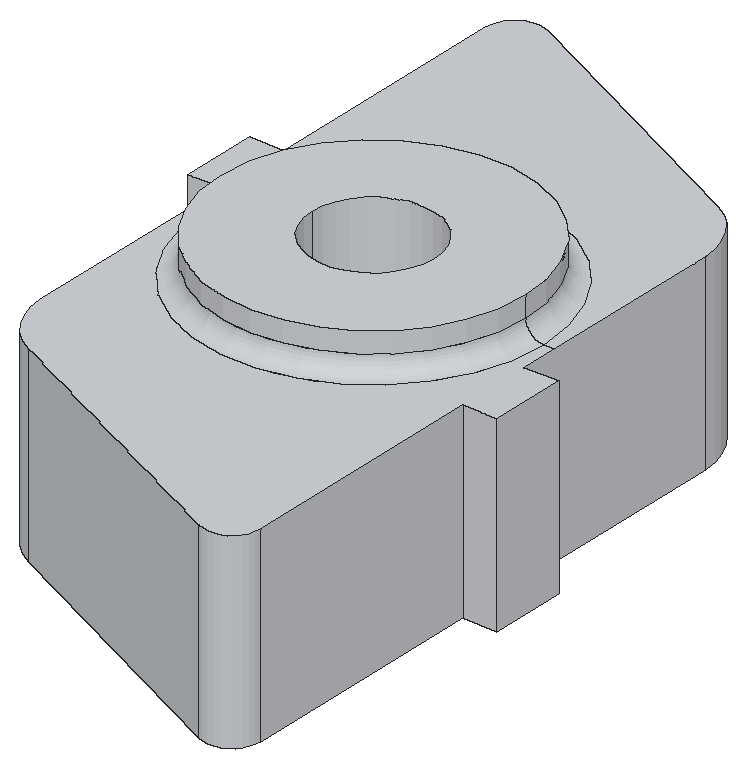
Revit family "Zahnplatte M 6", category HLS-Bauteile, Revit 2017
Family settings
  Bemaßung runder Anschluss = Durchmesser verwenden
  Teiletyp = Normal
  Arbeitsebenenbasiert = Ja
  Immer vertikal = Nein
  Beim Laden mit Abzugskörper schneiden = Nein
  Gemeinsam genutzt = Ja
  Raumberechnungspunkt = Nein
Parameters (values of type "MEFA Zahnplatte M 6")
  vpe = "100 St"
  d2 = 3.2 mm
  Default Elevation = 1219.2 mm
  Stärke Material = 12 mm
  Schienenbreite = "45 mm"
  Regelhalter [instance] = ""
  Profiltyp = "45"
  Profil = "C-Profil"
  Plattentyp = ""
  Oberflaeche = "galvanisch verzinkt"
  Mengeneinheit = "St"
  Material = "Stahl"
  Länge = 34 mm
  Kurztext2 = "M6 34 x 21 mm gvz"
  Kurztext1 = "Zahnplatte"
  Gewinde = "M6"
  Gewicht pro Bauteil = Gewicht  # 0.0525 kg
  Gewicht = 0.0525 kg
  Form = "einschwenkbar"
  Firma = "MEFA Befestigungs- und Montagesysteme GmbH"
  Fabrikat = "MEFA"
  EAN = "4250928420541"
  Deckentyp = ""
  Breite = 21 mm
  Artikelnummer = "0818000"
  Anzugsmoment = 0 N·m
  Abmessung = "34 x 21 x 12 mm"
Reference planes
  plane 1 "Mitte (Vorne/hinten)": y = 0
  plane 2: z = 0
  plane 3 "Mitte (Links/rechts)": x = 0
Forms (mm)
  Extrusion 1, solid
    sketch origin (-17.5, 0, 0) x (1, 0, 0) y (0, 1, 0)
      loop
        arc (27, 9.889) -> (26.398, 11.99) -> (24.774, 13.452) r 3.964
        line (24.774, 13.452) -> (10.158, 20.581)
        arc (10.158, 20.581) -> (8.705, 20.505) -> (8, 19.233) r 1.5
        line (8, 19.233) -> (8, 6) -> (6.2, 6) -> (6.2, 2) -> (8, 2) -> (8, -9.889)
        arc (8, -9.889) -> (8.602, -11.99) -> (10.226, -13.452) r 3.964
        line (10.226, -13.452) -> (24.842, -20.581)
        arc (24.842, -20.581) -> (26.295, -20.505) -> (27, -19.233) r 1.5
        line (27, -19.233) -> (27, -6) -> (28.8, -6) -> (28.8, -2) -> (27, -2) -> (27, 9.889)
    from 0 to 12
  Extrusion 2, void
    sketch origin (0, 0, 0) x (1, 0, 0) y (0, 1, 0)
      loop
        circle (0, 0) r 3.2
    from 0 to 250
  Revolve 3, void
    sketch origin (0, 0, 0) x (1, 0, 0) y (0, 0, 1)
      loop
        line (-8, 14.225) -> (-35.321, 14.225) -> (-35.321, 10) -> (-8.919, 10)
        arc (-8.919, 10) -> (-8.269, 10.269) -> (-8, 10.919) r 0.919
        line (-8, 10.919) -> (-8, 12) -> (-8, 14.225)
      axis (0, 14.225) -> (0, 10)
    angle from 0 to 360
Cuts and joins
  Extrusion 2, Revolve 3 cuts Extrusion 1
Dimensions and locks
  "d2": radius of Extrusion 2 sketch curve
  aligned and locked: level to plane 2
Automatic sketch dimensions
  Extrusion 1 sketch curve to plane 1 "Mitte (Vorne/hinten)" = 2 mm
  Extrusion 1 sketch curve to plane 3 "Mitte (Links/rechts)" = 9.5 mm
  Extrusion 1 sketch curve to Extrusion 1 sketch curve = 1.5 mm
  Extrusion 1 sketch curve to Extrusion 1 sketch curve = 0.658 mm  (x2)
  Extrusion 1 sketch curve to plane 3 "Mitte (Links/rechts)" = 7.274 mm
  Extrusion 1 sketch curve to Extrusion 1 sketch curve = 1.738 mm  (x2)
  plane 3 "Mitte (Links/rechts)" to Extrusion 1 sketch curve = 5.536 mm
  plane 3 "Mitte (Links/rechts)" to Extrusion 1 sketch curve = 7.342 mm
  plane 3 "Mitte (Links/rechts)" to Extrusion 1 sketch curve = 9.5 mm
  plane 1 "Mitte (Vorne/hinten)" to Extrusion 1 sketch curve = 2 mm
  Extrusion 1 sketch curve to Extrusion 1 sketch curve = 0 mm  (x2)
  Extrusion 1 sketch curve to Extrusion 1 sketch curve = 1.8 mm  (x2)
  Extrusion 1 sketch curve to Extrusion 1 sketch curve = 4 mm  (x2)
  plane 1 "Mitte (Vorne/hinten)" to Extrusion 1 sketch curve = 9.889 mm
  Extrusion 1 sketch curve to Extrusion 1 sketch curve = 3.563 mm
  Extrusion 1 sketch curve to Extrusion 1 sketch curve = 13.233 mm  (x2)
  Extrusion 1 sketch curve to plane 1 "Mitte (Vorne/hinten)" = 9.889 mm
  Revolve 3 sketch curve to plane 3 "Mitte (Links/rechts)" = 0 mm
  Revolve 3 sketch curve to plane 3 "Mitte (Links/rechts)" = 8 mm
  Revolve 3 sketch curve to Revolve 3 sketch curve = 0.919 mm
  level to Revolve 3 sketch curve = 10 mm
  Revolve 3 sketch curve to Revolve 3 sketch curve = 26.402 mm
  Revolve 3 sketch curve to Revolve 3 sketch curve = 1.081 mm
  Revolve 3 sketch curve to Revolve 3 sketch curve = 2.225 mm
  Revolve 3 sketch curve to Revolve 3 sketch curve = 0.826 mm
  Revolve 3 sketch curve to Revolve 3 sketch curve = 3.163 mm
  plane 1 "Mitte (Vorne/hinten)" to Extrusion 2 sketch curve = 0 mm
  Extrusion 2 sketch curve to plane 3 "Mitte (Links/rechts)" = 0 mm
